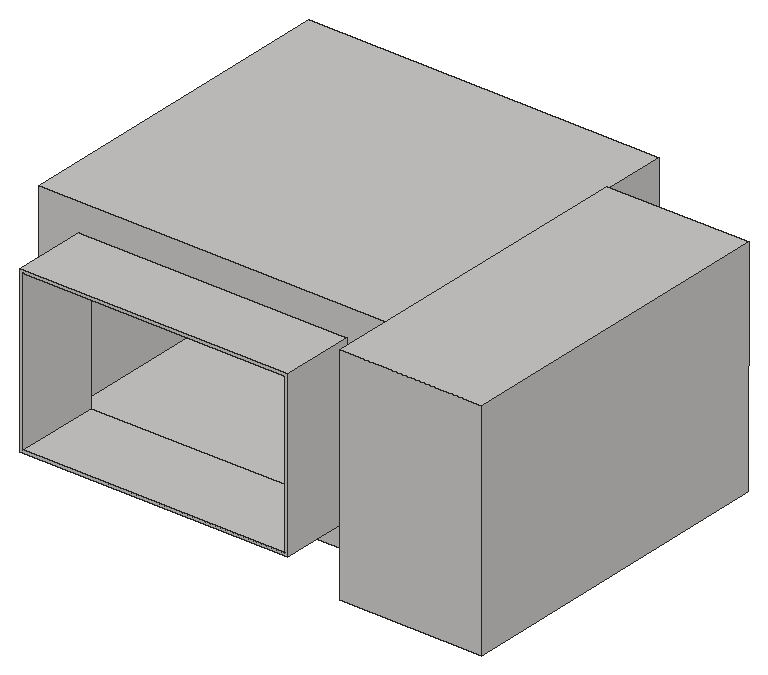
Revit family "Terminal_Unit-Single_Duct-Titus-DESV-Rectangular", category Mechanical Equipment, Revit 2012
Parameters (values of type "DESV-20")
  Version = 1
  Unit Width = 1' - 4"
  Unit Weight = 49.00 lbf
  Unit Length = 1' - 3 1/2"
  URL = "http://www.titus-hvac.com/"
  Supply Air Pressure Drop [instance] = 0.00 in-wg
  Static Pressure [instance] = 0.00 in-wg
  Series = "DESV"
  Right Offset [instance] = if(Left Control Box, Unit Width / 2, (Unit Width / 2) + 0' 6 1/2")  # 1' - 2 1/2"
  Right Control Box [instance] = not(Left Control Box)  # yes
  Product Page URL = "http://www.titus-hvac.com/Products/Terminal%20Units/DESV#"
  Overall Width [instance] = Left Offset + Right Offset  # 1' - 10 1/2"
  Overall Length = Unit Length + if(Control Box Front Offset > Inlet Front Offset, Control Box Front Offset, Inlet Front Offset)  # 1' - 6 7/8"
  Overall Height = if(Unit Width = 3' 2", Nominal Outlet Height, Control Box Height)  # 0' - 10 1/4"
  Nominal Outlet Width = if(Unit Width = 2' 3 1/4", 2' 3", Unit Width)  # 16"
  Nominal Outlet Height = 10"
  Nominal Inlet Width = 14"
  Nominal Inlet Height = 8"
  Model = "DESV-20"
  Minimum Air Flow = 600 CFM
  Maximum Air Flow = 1800 CFM
  Manufacturer Complete Model Number [instance] = ""
  Left Offset [instance] = if(Left Control Box, (Unit Width / 2) + 0' 6 1/2", Unit Width / 2)  # 0' - 8"
  Left Control Box [instance] = no
  Inlet Width = 12 1/4"
  Inlet Height = 7 1/2"
  Inlet Front Offset = 0' - 3 3/8"
  Inlet Duct Width = Nominal Inlet Width  # 14"
  Inlet Duct Height = Nominal Inlet Height  # 8"
  Design Supply Air Flow [instance] = 0 CFM
  Control Box Width = 0' - 6 1/2"
  Control Box Orientation Radius [instance] = Unit Width / 2  # 0' - 8"
  Control Box Orientation Angle [instance] = if(Right Control Box, 100.00°, if(Left Control Box, 280.00°, 10.00°))  # 100.00°
  Control Box Length = 1' - 3 1/4"
  Control Box Height = 0' - 10 1/4"
  Control Box Front Offset = 0' - 2 3/4"
  A‏ir Terminal Material = Steel - Titus - Galvanized
  Manufacturer = "Titus"  # constant formula
  Location [instance] = ""
  ENGworks URL = "http://www.ENGworks.com/"
  Description = "Digital Single Duct Terminal Unit"
  Assembly Code = "D3040100"
  Actual Supply Air Flow [instance] = 0 CFM
  0 - Standard 1/2" Liner [instance] = yes
  1 - 1" Liner [instance] = no
  2 - Steri-Loc Liner [instance] = no
  4 - UltraLoc Liner [instance] = no
  6 - No Liner [instance] = no
  9 - Fibre-Free Liner [instance] = no
  J - EcoShield 1/2" Liner [instance] = no
  K - EcoShield 1" Liner [instance] = no
  L - EcoShield Foil 1/2" Liner [instance] = no
  M - EcoShield Foil 1" Liner [instance] = no
Types (4): name | Unit Width | Unit Weight | Unit Length | Right Offset | Overall Width | Overall Length | Overall Height | Nominal Outlet Width | Nominal Outlet Height | Nominal Inlet Width | Nominal Inlet Height | Model | Minimum Air Flow | Maximum Air Flow | Left Offset | Inlet Width | Inlet Height | Inlet Duct Width | Inlet Duct Height | Control Box Orientation Radius | Control Box Length | Control Box Height | Control Box Front Offset
  (no name) | 1' - 4" | 49.00 lbf | 1' - 3 1/2" | 1' - 2 1/2" | 1' - 10 1/2" | 1' - 6 7/8" | 0' - 10 1/4" | 16" | 10" | 14" | 8" | "DESV-20" | 600 CFM | 1800 CFM | 0' - 8" | 12 1/4" | 7 1/2" | 14" | 8" | 0' - 8" | 1' - 3 1/4" | 0' - 10 1/4" | 0' - 2 3/4"
  DESV-40 | 3' - 2" | 74.00 lbf | 1' - 3" | 2' - 1 1/2" | 3' - 8 1/2" | 1' - 8 3/8" | 1' - 6" | 38" | 18" | 24" | 16" | "DESV-40" | 1400 CFM | 7500 CFM | 1' - 7" | 23 7/8" | 15 7/8" | 24" | 16" | 1' - 7" | 1' - 6" | 1' - 4 7/8" | 0' - 5 3/8"
  DESV-20 | 1' - 4" | 49.00 lbf | 1' - 3 1/2" | 1' - 2 1/2" | 1' - 10 1/2" | 1' - 6 7/8" | 0' - 10 1/4" | 16" | 10" | 14" | 8" | "DESV-20" | 600 CFM | 1800 CFM | 0' - 8" | 12 1/4" | 7 1/2" | 14" | 8" | 0' - 8" | 1' - 3 1/4" | 0' - 10 1/4" | 0' - 2 3/4"
  DESV-30 | 2' - 3 1/4" | 53.00 lbf | 1' - 3 1/2" | 1' - 8 1/8" | 2' - 9 3/4" | 1' - 6 7/8" | 0' - 10 1/4" | 27" | 10" | 25" | 8" | "DESV-30" | 1400 CFM | 4000 CFM | 1' - 1 5/8" | 23 3/4" | 7 1/2" | 25" | 8" | 1' - 1 5/8" | 1' - 3 1/4" | 0' - 10 1/4" | 0' - 2 3/4"
Reference planes (in)
  plane 1 "Center (Front/Back)": y = 0
  plane 2: z = 0
  plane 3 "Center (Left/Right)": x = 0
  plane 4: x = -8
  plane 5: x = 8
  plane 6: y = 7.75
  plane 7: y = -7.75
  plane 8: z = -5.125
  plane 9: z = 5.125
  plane 10: y = -7.25
  plane 11: x = -7.5
  plane 12: z = 4.5
  plane 13: x = 7.5
  plane 14: z = -4.5
  plane 15: y = -7.25
  plane 16: y = -10.5
  plane 17: x = 14.5
  plane 18: x = -8
  plane 19: x = -6.125
  plane 20: x = -6
  plane 21: x = 6
  plane 22: x = 6.125
  plane 23: z = 3.75
  plane 24: z = 3.625
  plane 25: z = -3.625
  plane 26: z = -3.75
  plane 27: x = -6.125
  plane 28: x = 6.125
  plane 29: z = 3.75
  plane 30: z = -3.75
  plane 31: z = 3.625
  plane 32: z = -3.625
  plane 33: x = -6
  plane 34: x = 6
  plane 35: z = -5
  plane 36: z = 5
  plane 37: y = -11.125
Forms (in)
  Sweep 1, solid, material "Steel - Titus - Galvanized" <- "A‏ir Terminal Material"
    path origin (0, 0, 0) x (1, 0, 0) y (0, 1, 0)
      loop
        line (0, -7.75) -> (0, 7.75)
    profile origin (0, 0, 0) x (-1, 0, 0) y (0, 0, 1)
      loop
        line (8, 5) -> (-8, 5) -> (-8, -5) -> (8, -5) -> (8, 5)
  Sweep 2, void
    path origin (0, 0, 0) x (1, 0, 0) y (0, 1, 0)
      loop
        line (0, 7.75) -> (0, -7.25)
    profile origin (0, 0.25, 0) x (1, 0, 0) y (0, 0, 1)
      loop
        line (-7.5, 4.5) -> (-7.5, -4.5) -> (7.5, -4.5) -> (7.5, 4.5) -> (-7.5, 4.5)
  Sweep 3, void
    path origin (0, 0, 0) x (1, 0, 0) y (0, 1, 0)
      loop
        line (0, -7.75) -> (0, -7.25)
    profile origin (0, -7.5, 0) x (-1, 0, 0) y (0, 0, 1)
      loop
        line (6, 3.625) -> (-6, 3.625) -> (-6, -3.625) -> (6, -3.625) -> (6, 3.625)
  Sweep 4, solid, material "Steel - Titus - Galvanized" <- "A‏ir Terminal Material"
    path origin (0, 0, 0) x (1, 0, 0) y (0, 1, 0)
      loop
        line (0, -11.125) -> (0, -7.75)
    profile origin (0, -9.4375, 0) x (-1, 0, 0) y (0, 0, 1)
      loop
        line (6.125, 3.75) -> (-6.125, 3.75) -> (-6.125, -3.75) -> (6.125, -3.75) -> (6.125, 3.75)
      loop
        line (6, 3.625) -> (-6, 3.625) -> (-6, -3.625) -> (6, -3.625) -> (6, 3.625)
Cuts and joins
  Sweep 2, Sweep 3 cuts Sweep 1
  joined: Sweep 1, Sweep 4
Dimensions and locks (in)
  equal spacing: plane 4, plane 3 "Center (Left/Right)", plane 5
  "Unit Width": plane 4 to plane 5
  equal spacing: plane 7, plane 1 "Center (Front/Back)", plane 6
  "Unit Length": plane 6 to plane 7
  equal spacing: plane 9, plane 2, plane 8
  "Overall Height": plane 9 to plane 8
  locked: plane 10 to plane 7 at 0.5
  locked: plane 14 to plane 35 at 0.5
  locked: plane 36 to plane 12 at 0.5
  locked: plane 4 to plane 11 at 0.5
  locked: plane 13 to plane 5 at 0.5
  locked: plane 15 to plane 7 at 0.5
  "Control Box Front Offset": plane 7 to plane 16
  locked: plane 3 "Center (Left/Right)" to nested 1 at 0
  "Left Offset": plane 18 to plane 3 "Center (Left/Right)"
  "Right Offset": plane 3 "Center (Left/Right)" to plane 17
  equal spacing: plane 21, plane 3 "Center (Left/Right)", plane 20
  equal spacing: plane 22, plane 3 "Center (Left/Right)", plane 19
  "Inlet Width": plane 22 to plane 19
  locked: plane 20 to plane 19 at 0.125
  equal spacing: plane 24, plane 2, plane 25
  equal spacing: plane 23, plane 2, plane 26
  "Inlet Height": plane 23 to plane 26
  locked: plane 23 to plane 24 at 0.125
  equal spacing: plane 29, plane 2, plane 30
  "Inlet Height": plane 29 to plane 30
  locked: plane 32 to plane 30 at 0.125
  equal spacing: plane 28, plane 3 "Center (Left/Right)", plane 27
  "Inlet Width": plane 27 to plane 28
  locked: plane 27 to plane 33 at 0.125
  equal spacing: plane 34, plane 3 "Center (Left/Right)", plane 33
  equal spacing: plane 31, plane 2, plane 32
  equal spacing: Sweep 1 sketch curve, plane 2, Sweep 1 sketch curve
  "Nominal Outlet Height": Sweep 1 sketch curve to Sweep 1 sketch curve
  equal spacing: plane 36, plane 2, plane 35
  "Nominal Outlet Height": plane 36 to plane 35
  "Inlet Front Offset": plane 7 to Sweep 4 sketch curve
  "Overall Length": plane 6 to plane 37
  "Control Box Orientation Angle": angle plane 3 "Center (Left/Right)" to nested 1
  aligned and locked: level to plane 2
  aligned and locked: plane 3 "Center (Left/Right)" to Sweep 1 sketch curve
  aligned and locked: plane 6 to Sweep 1 sketch curve
  aligned and locked: plane 7 to Sweep 1 sketch curve
  aligned and locked: Sweep 1 sketch curve to plane 4
  aligned and locked: plane 5 to Sweep 1 sketch curve
  aligned and locked: Sweep 2 sketch curve to plane 3 "Center (Left/Right)"
  aligned and locked: plane 10 to Sweep 2 sketch curve
  aligned and locked: plane 6 to Sweep 2 sketch curve
  aligned and locked: Sweep 2 sketch curve to plane 14
  aligned and locked: plane 12 to Sweep 2 sketch curve
  aligned and locked: Sweep 2 sketch curve to plane 11
  aligned and locked: Sweep 2 sketch curve to plane 13
  aligned and locked: plane 3 "Center (Left/Right)" to Sweep 3 sketch curve
  aligned and locked: plane 7 to Sweep 3 sketch curve
  aligned and locked: plane 15 to Sweep 3 sketch curve
  aligned and locked: plane 3 "Center (Left/Right)" to Sweep 4 sketch curve
  aligned and locked: nested 1 to plane 16
  aligned and locked: plane 2 to nested 1
  aligned and locked: plane 7 to Sweep 4 sketch curve
  aligned and locked: plane 19 to Sweep 4 sketch curve
  aligned and locked: plane 22 to Sweep 4 sketch curve
  aligned and locked: Sweep 4 sketch curve to plane 21
  aligned and locked: Sweep 4 sketch curve to plane 20
  aligned and locked: plane 24 to Sweep 4 sketch curve
  aligned and locked: Sweep 4 sketch curve to plane 23
  aligned and locked: Sweep 4 sketch curve to plane 26
  aligned and locked: plane 25 to Sweep 4 sketch curve
  aligned and locked: plane 31 to Sweep 3 sketch curve
  aligned and locked: Sweep 3 sketch curve to plane 32
  aligned and locked: Sweep 3 sketch curve to plane 33
  aligned and locked: plane 34 to Sweep 3 sketch curve
Nested families (in)
  nested 1: "Control Box" at (0, -10.5, 0) x (0, 0, 1) z (-1, 0, 0), type "Standard"
    with Control Box Orientation Radius 0' - 8", Control Box Length 1' - 3 1/4", Control Box Height 0' - 10 1/4"
Connectors (in)
  hvac at (0, 7.75, 0), driven by "Nominal Outlet Height", driven by "Nominal Outlet Width", driven by "Actual Supply Air Flow"
    settings: on cut or joined group of Sweep 1, Sweep 2, Sweep 3, Sweep 4, index 2, duct flow 0 CFM, flow factor 0, pres drop 0.00 in-wg, loss coef 0, conn angle 0.00°, conn width 16", conn height 10", conn radius 12", duct sys type 1, conn prof type 1, flow config 0, flow direction 2, loss method 0, conn ref index -1, conn util no, is conn primary no, conn desc "Supply Air Outlet Connection"
  hvac at (0, -7.75, 0), driven by "Supply Air Pressure Drop", driven by "Actual Supply Air Flow", driven by "Nominal Inlet Height", driven by "Nominal Inlet Width"
    settings: on cut or joined group of Sweep 1, Sweep 2, Sweep 3, Sweep 4, index 3, duct flow 0 CFM, flow factor 0, pres drop 0.00 in-wg, loss coef 0, conn angle 0.00°, conn width 14", conn height 8", conn radius 12", duct sys type 1, conn prof type 1, flow config 1, flow direction 1, loss method 4, conn ref index -1, conn util no, is conn primary yes, conn desc "Supply Air Inlet Connection"
Definition of nested family "Control Box"
  Parameters (values of type "Standard")
    URL = ""
    Material = Steel - Titus - Galvanized
    Manufacturer = ""
    Control Box Width = 0' - 6 1/2"
    Control Box Orientation Radius = 1' - 7"
    Control Box Length = 1' - 6"
    Control Box Height = 1' - 0 1/4"
    Assembly Code = ""
  Types (2): name | URL | Manufacturer | Control Box Width | Control Box Orientation Radius | Control Box Length | Assembly Code
    Standard | "" | "" | 0' - 6 1/2" | 1' - 7" | 1' - 6" | ""
    Control Box | "http://www.titus-hvac.com/" | "Titus" | 1' - 5 1/2" | 0' - 8" | 1' - 3 1/4" | "D3040100"
  Reference planes (in)
    plane 1 "Center (Front/Back)": y = 0
    plane 2: z = 0
    plane 3 "Center (Left/Right)": x = 0
    plane 4: y = 18
  Forms (in)
    Sweep 1, solid, material "Steel - Titus - Galvanized" <- "Material"
      path origin (0, 0, 0) x (1, 0, 0) y (0, 1, 0)
        loop
          line (0, 0) -> (0, 18)
      profile origin (0, 9, 0) x (-1, 0, 0) y (0, 0, 1)
        loop
          line (6.125, -19) -> (-6.125, -19) -> (-6.125, -25.5) -> (6.125, -25.5) -> (6.125, -19)
  Lines and regions (in)
    reference lines
      curve 1: line (0, 0, 0) -> (-1.04189, 0, 5.90885)
  Dimensions and locks (in)
    "Control Box Length": plane 1 "Center (Front/Back)" to plane 4
    equal spacing: Sweep 1 sketch curve, plane 3 "Center (Left/Right)", Sweep 1 sketch curve, locked at 6.125 each
    "Control Box Height": Sweep 1 sketch curve to Sweep 1 sketch curve
    "Control Box Orientation Radius": curve 1 to Sweep 1
    "Control Box Width": Sweep 1 to Sweep 1
    locked: curve 1 to curve 1 at 6
    "Control Box Orientation Radius": curve 1 to Sweep 1 sketch curve
    locked: plane 3 "Center (Left/Right)" to curve 1 (angle 10.00°)
    aligned and locked: level to plane 2
    aligned and locked: plane 2 to curve 1
    aligned and locked: plane 3 "Center (Left/Right)" to curve 1
  Automatic sketch dimensions
    Sweep 1 sketch curve to plane 3 "Center (Left/Right)" = 0' - 0"
    plane 1 "Center (Front/Back)" to Sweep 1 sketch curve = 0' - 0"
    Sweep 1 sketch curve to plane 4 = 0' - 0"
    Sweep 1 sketch curve to level = 2' - 1 1/2"
